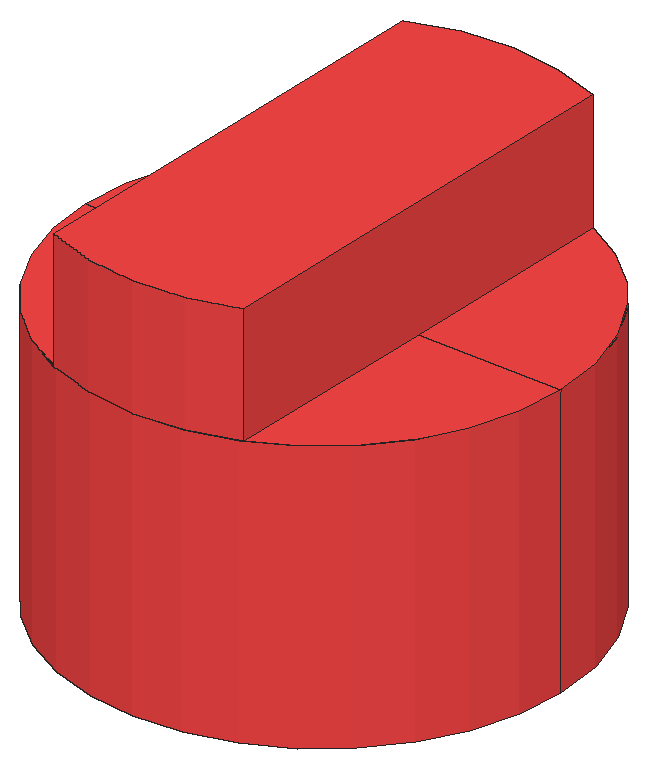
Revit family "CWST-RW-W6 ENScape optisk signalgiver rød IP65_Tak", category Fire Alarm Devices, Revit 2016
Family settings
  Maintain Annotation Orientation = Yes
  Part Type = Normal
  Round Connector Dimension = Use Diameter
  OmniClass Number = 23.85.30.21.11.17
  OmniClass Title = Other Components
  Work Plane-Based = No
  Always vertical = No
  Cut with Voids When Loaded = No
  Shared = No
  Room Calculation Point = No
Parameters (values of type "Optisk signalgiver")
  Type Comments = "-XH"
  Reference Line Out [instance] = 10.00 mm
  NS8360 = "5423_XN2"
  Manufacturer = "Honeywell"
  Keynote = "XN2"
  CQ Symbol Positive Direction [instance] = yes
  CQ Symbol Offset Side [instance] = 0.00 mm
  CQ Symbol Offset Out [instance] = 0.00 mm
  CQ Material = Plastic - Red
  CQ Length B = 72.00 mm
  CQ Length A = 100.00 mm
  Assembly Code = "5423"
Reference planes
  plane 1 "Center (Front/Back)": y = 0
  plane 2: z = 0
  plane 3 "Center (Left/Right)": x = 0
  plane 4: x = -50
  plane 5: x = 50
  plane 6: z = -72
  plane 7: z = -57
  plane 8: z = 25
Forms (mm)
  Revolve 1, solid, material "Plastic - Red" <- "CQ Material"
    sketch origin (0, 0, 0) x (1, 0, 0) y (0, 0, 1)
      loop
        line (0, 0) -> (0, -72) -> (1, -72)
        arc (1, -72) -> (19.979, -68.091) -> (35.868, -57) r 48.025
        line (35.868, -57) -> (50, -57) -> (50, 0) -> (0, 0)
      axis (0, 0) -> (0, -72)
    angle from 0 to 360
  Extrusion 2, solid, material "Plastic - Red" <- "CQ Material"
    sketch origin (0, 0, 0) x (1, 0, 0) y (0, 1, 0)
      loop
        arc (20, 45.826) -> (0, 50) -> (-20, 45.826) r 50
        line (-20, 45.826) -> (-20, -45.826)
        arc (-20, -45.826) -> (0, -50) -> (20, -45.826) r 50
        line (20, -45.826) -> (20, 45.826)
    from 0 to 25
Cuts and joins
  joined: Revolve 1, Extrusion 2
Lines and regions (mm)
  model lines, style "InvisibleLines"
    curve 1: line (0, 0, 0) -> (0, -43, 0)
    curve 2: line (0, 0, 0) -> (0, 0, 10)
Dimensions and locks
  equal spacing: plane 5, plane 3 "Center (Left/Right)", plane 4
  "CQ Length A": plane 5 to plane 4
  "CQ Length B": plane 6 to plane 2
  "Reference Line Out": curve 2 to level
  locked: plane 7 to plane 6 at 15
  locked: plane 8 to plane 2 at 25
  aligned and locked: level to plane 2
  aligned and locked: curve 1 to plane 2
  aligned and locked: plane 5 to Revolve 1 sketch curve
  aligned and locked: plane 2 to Revolve 1 sketch curve
  aligned and locked: plane 3 "Center (Left/Right)" to nested 1
  aligned and locked: plane 1 "Center (Front/Back)" to nested 1
  aligned and locked: plane 2 to curve 2
  aligned and locked: plane 3 "Center (Left/Right)" to curve 2
  aligned and locked: plane 7 to Revolve 1 sketch curve
  aligned and locked: Revolve 1 sketch curve to plane 7
  aligned and locked: Revolve 1 sketch curve to plane 6
  aligned and locked: Extrusion 2 sketch curve to Revolve 1  (x2)
  aligned and locked: plane 8 to Extrusion 2
Automatic sketch dimensions
  curve 1 to plane 3 "Center (Left/Right)" = 0.00 mm
  plane 1 "Center (Front/Back)" to curve 1 = 0.00 mm
  plane 1 "Center (Front/Back)" to curve 1 = 43.00 mm
  Revolve 1 sketch curve to plane 3 "Center (Left/Right)" = 0.00 mm  (x2)
  Revolve 1 sketch curve to plane 6 = 0.00 mm
  plane 3 "Center (Left/Right)" to Revolve 1 sketch curve = 1.00 mm
  Revolve 1 sketch curve to level = 23.975 mm
  level to Revolve 1 sketch curve = 2000.00 mm
  Extrusion 2 sketch curve to plane 3 "Center (Left/Right)" = 20.00 mm
  plane 3 "Center (Left/Right)" to Extrusion 2 sketch curve = 20.00 mm
Nested families
  nested 1: "Optisk alarmapparat" at (0, 0, 0), type "Type 1"
Connectors
  electrical at (0, 0, 0)
    settings: on Revolve 1, index 1, voltage 0 V, apparent load 0 VA, apparent load phase1 0 VA, apparent load phase2 0 VA, apparent load phase3 0 VA, power factor 1, load classification "Other", number of poles 1, system type 11, power factor state 1, is connector primary yes, connector utility no, sub classification motor no, connector description ""
Definition of nested family "Optisk alarmapparat"
  Parameters
    CQ Symbol Positive Direction = yes
    CQ Symbol Negative Direction = not(CQ Symbol Positive Direction)  # no
    CQ Symbol Offset Side = 0.00 mm
    CQ Symbol Offset Out = 0.00 mm
  Reference planes
    plane 1: y = 0
    plane 2: x = 0
  Dimensions and locks
    "CQ Symbol Offset Out": plane 1 to nested 2
    "CQ Symbol Offset Out": plane 1 to nested 1
    "CQ Symbol Offset Side": plane 2 to nested 1
    "CQ Symbol Offset Side": nested 2 to plane 2
  Nested families
    nested 1: "Optisk AlarmapparatSub" at (0, 0, 0), visible <- "CQ Symbol Positive Direction", type "Type 1"
    nested 2: "Optisk AlarmapparatSub" at (0, 0, 0), visible <- "CQ Symbol Negative Direction", type "Type 1"
  Definition of nested family "Optisk AlarmapparatSub"
    Reference planes
      plane 1: y = 0
      plane 2: x = 0
    Lines and regions (mm)
      detail lines
        curve 1: circle (0, 0, 0) r 2.5 normal (0, 0, 1)
        curve 2: line (-1.768, 1.768, 0) -> (1.768, -1.768, 0)
        curve 3: line (-1.768, -1.768, 0) -> (1.768, 1.768, 0)
        curve 4: line (-0.001, 3, 0) -> (4.748, 3, 0)
    Text (mm)
      text "PL" at (1.733, 4.587, 0)
